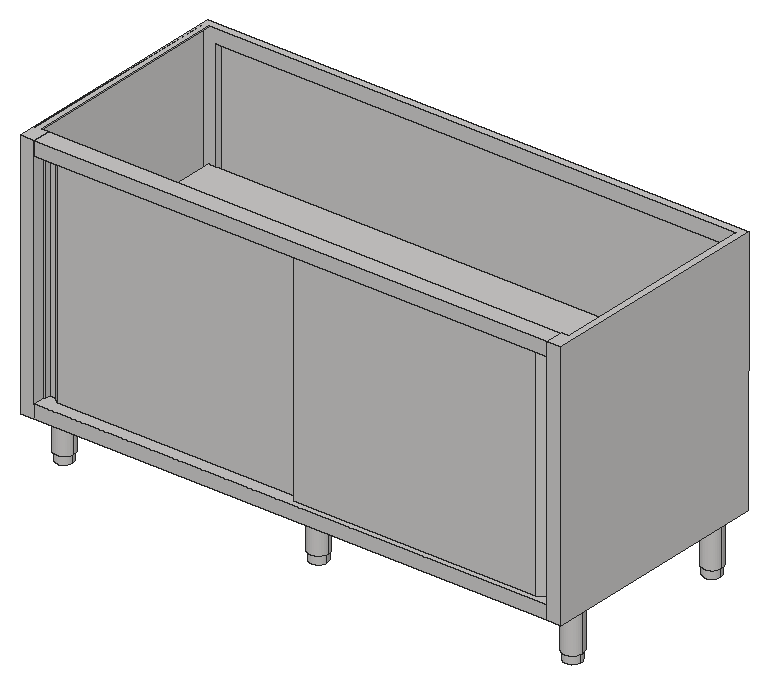
Revit family "QF_ELECTROLUXPROFESSIONAL_133182_RAU1600SD", category Specialty Equipment, Revit 2018
Family settings
  Round Connector Dimension = Use Diameter
  Part Type = Normal
  Work Plane-Based = No
  Always vertical = Yes
  Cut with Voids When Loaded = No
  Shared = No
  Room Calculation Point = No
Parameters
  Weight = 0.00 kg
  Watts = 0 W
  Volts = 0 V
  URL Manufacturer = ""
  Steam Supply Size = 0 mm
  Steam Supply Minimum Pressure = 0.0 Pa
  Steam Supply Maximum Pressure = 0.0 Pa
  Steam Pounds per Hour = 0
  Refrigeration Suction Line Size = 0 mm
  Refrigeration Liquid Line Size = 0 mm
  Refrigerant Compressor Remote = yes
  Phase = 0
  Length Actual = 0 mm
  Item Number = ""
  Hot Water Size = 0 mm
  Height Actual = 0 mm
  HP = ""
  Gas Size = 0 mm
  Gas KW = 0
  Gas Input Pressure = 0 W
  Direct Waste Size = 0 mm
  Depth Actual = 0 mm
  Cycle = 0 Hz
  Condensate Return Size = 0 mm
  Compressed Air Volume = 0.0 L/s
  Compressed Air Size = 0 mm
  Compressed Air Pressure = 0.0 Pa
  Cold Water Size = 0 mm
  Accessory = yes
Reference planes
  plane 1 "Center (Front/Back)": y = 0
  plane 2: z = 0
  plane 3 "Center (Left/Right)": x = 0
  plane 4: y = 344.5
  plane 5 "Left": x = -794.5
  plane 6 "Right": x = 794.5
  plane 7: y = -344.5
  plane 8: z = 150
  plane 9: z = 883
  plane 10: x = -747.5
  plane 11: x = 747.5
  plane 12: y = 270
  plane 13: y = -241.9
Forms (mm)
  Extrusion 1, solid, material "QF_Finishes_Stainless Steel"
    sketch origin (0, 0, 0) x (1, 0, 0) y (0, 1, 0)
      loop
        line (-794.5, 344.5) -> (-794.5, -344.5) -> (-754.5, -344.5) -> (754.5, -344.5) -> (794.5, -344.5) -> (794.5, 344.5) -> (-794.5, 344.5)
    from 150 to 190
  Sweep 2, solid, material "QF_Finishes_Stainless Steel"
    path in 3D
      loop
        line (-794.5, -291.5, 150) -> (-794.5, 324.5, 150)
    profile origin (-794.5, 16.5, 150) x (1, 0, 0) y (0, 0, -1)
      loop
        line (0, -40) -> (0, -733) -> (20, -733) -> (20, -731.5) -> (1.5, -731.5) -> (1.5, -40) -> (0, -40)
  Extrusion 3, solid, material "QF_Finishes_Stainless Steel"
    sketch origin (0, 0, 0) x (1, 0, 0) y (0, 1, 0)
      loop
        line (-794.5, 344.5) -> (-794.5, 324.5) -> (-754.5, 324.5) -> (-754.5, 344.5) -> (-794.5, 344.5)
      loop
        line (794.5, 344.5) -> (754.5, 344.5) -> (754.5, 324.5) -> (794.5, 324.5) -> (794.5, 344.5)
      loop
        line (-794.5, -344.5) -> (-754.5, -344.5) -> (-754.5, -291.5) -> (-794.5, -291.5) -> (-794.5, -344.5)
      loop
        line (794.5, -344.5) -> (794.5, -291.5) -> (754.5, -291.5) -> (754.5, -344.5) -> (794.5, -344.5)
    from 190 to 883
  Extrusion 4, solid, material "QF_Finishes_Stainless Steel"
    sketch origin (0, 0, 0) x (1, 0, 0) y (0, 1, 0)
      loop
        line (-754.5, -291.5) -> (-754.5, -343.5) -> (754.5, -343.5) -> (754.5, -291.5) -> (-754.5, -291.5)
    from 843 to 881.5
  Extrusion 5, solid, material "QF_Finishes_Stainless Steel"
    sketch origin (0, 0, 0) x (1, 0, 0) y (0, 1, 0)
      loop
        line (-774.5, 324.5) -> (-774.5, -291.5) -> (774.5, -291.5) -> (774.5, 324.5) -> (-774.5, 324.5)
    from 480 to 520.003
  Sweep 6, solid, material "QF_Finishes_Stainless Steel"
    path in 3D
      loop
        line (794.5, -291.5, 150) -> (794.5, 324.5, 150)
    profile origin (794.5, 16.5, 150) x (1, 0, 0) y (0, 0, -1)
      loop
        line (0, -40) -> (-1.5, -40) -> (-1.5, -731.5) -> (-20, -731.5) -> (-20, -733) -> (0, -733) -> (0, -40)
  Sweep 7, solid, material "QF_Finishes_Stainless Steel"
    path in 3D
      loop
        line (754.5, 344.5, 150) -> (-754.5, 344.5, 150)
    profile origin (0, 344.5, 150) x (0, 1, 0) y (0, 0, -1)
      loop
        line (0, -40) -> (-1.5, -40) -> (-1.5, -731.5) -> (-20, -731.5) -> (-20, -733) -> (0, -733) -> (0, -40)
  Extrusion 8, solid, material "QF_Finishes_Stainless Steel"
    sketch origin (0, 0, 0) x (1, 0, 0) y (0, 1, 0)
      loop
        line (-754.5, 324.5) -> (754.5, 324.5) -> (754.5, 343.5) -> (-754.5, 343.5) -> (-754.5, 324.5)
    from 843 to 883
Cuts and joins
  joined: Extrusion 1, Sweep 2, Extrusion 3, Extrusion 4, Extrusion 5, Sweep 6, Sweep 7, Extrusion 8
Lines and regions (mm)
  sketch lines
    curve 1: line (-794.5, -291.5, 150) -> (-794.5, 324.5, 150)
    curve 2: line (794.5, -291.5, 150) -> (794.5, 324.5, 150)
    curve 3: line (754.5, 344.5, 150) -> (-754.5, 344.5, 150)
  symbolic lines
    curve 4: line (-794.5, 344.5, 0) -> (794.5, 344.5, 0)
    curve 5: line (-794.5, -344.5, 0) -> (-794.5, 344.5, 0)
    curve 6: line (794.5, -344.5, 0) -> (-794.5, -344.5, 0)
    curve 7: line (794.5, 344.5, 0) -> (794.5, -344.5, 0)
    curve 8: line (-794.5, -311.5, 0) -> (0, -311.5, 0)
    curve 9: line (0, -311.5, 0) -> (0, -331.5, 0)
    curve 10: line (0, -331.5, 0) -> (794.5, -331.5, 0)
Dimensions and locks
  equal spacing: plane 5 "Left", plane 3 "Center (Left/Right)", plane 6 "Right"
  equal spacing: plane 4, plane 1 "Center (Front/Back)", plane 7
  plane 9 to plane 8 to level = 733 mm, 150 mm locked
  plane 3 "Center (Left/Right)" to plane 6 "Right" = 794.5 mm
  plane 7 to plane 1 "Center (Front/Back)" = 344.5 mm
  plane 9 to level = 883 mm
  locked: plane 10 to plane 5 "Left" at 47
  locked: plane 6 "Right" to plane 11 at 47
  locked: plane 4 to plane 12 at 74.5
  locked: plane 13 to plane 7 at 102.6
  aligned and locked: level to plane 2
  aligned and locked: Extrusion 1 to plane 8
  aligned and locked: plane 4 to Extrusion 1
  aligned and locked: Extrusion 1 to plane 5 "Left"
  aligned and locked: plane 6 "Right" to Extrusion 1
  aligned and locked: Extrusion 1 to plane 7
  aligned and locked: plane 11 to nested 3
  aligned and locked: plane 11 to nested 2
  aligned and locked: plane 10 to nested 1
  aligned and locked: plane 10 to nested 4
  aligned and locked: plane 12 to nested 1
  aligned and locked: plane 13 to nested 3
  aligned and locked: plane 13 to nested 4
  aligned and locked: plane 12 to nested 2
Automatic sketch dimensions
  Extrusion 1 sketch curve to plane 5 "Left" = 0 mm
  Extrusion 1 sketch curve to plane 7 = 0 mm  (x3)
  Extrusion 1 sketch curve to plane 6 "Right" = 0 mm
  Extrusion 1 sketch curve to plane 4 = 0 mm
  Extrusion 1 sketch curve to plane 10 = 7 mm
  Extrusion 1 sketch curve to Extrusion 1 sketch curve = 0 mm  (x2)
  plane 11 to Extrusion 1 sketch curve = 7 mm
  profile plane to Sweep 2 sketch curve = 0 mm
  Sweep 2 sketch curve to Sweep 2 sketch curve = 1.5 mm  (x2)
  Sweep 2 sketch curve to Sweep 2 sketch curve = 18.5 mm
  Sweep 2 sketch curve to profile plane = 733 mm
  Sweep 2 sketch curve to profile plane = 40 mm
  Extrusion 3 sketch curve to plane 4 = 0 mm  (x2)
  Extrusion 3 sketch curve to plane 5 "Left" = 0 mm  (x2)
  Extrusion 3 sketch curve to plane 7 = 0 mm  (x2)
  Extrusion 3 sketch curve to plane 6 "Right" = 0 mm  (x2)
  Extrusion 3 sketch curve to plane 10 = 7 mm  (x2)
  plane 11 to Extrusion 3 sketch curve = 7 mm  (x2)
  plane 13 to Extrusion 3 sketch curve = 49.6 mm  (x2)
  Extrusion 3 sketch curve to plane 4 = 20 mm  (x2)
  plane 7 to Extrusion 4 sketch curve = 1 mm
  Extrusion 4 sketch curve to plane 10 = 7 mm
  plane 11 to Extrusion 4 sketch curve = 7 mm
  Extrusion 4 sketch curve to Extrusion 4 sketch curve = 52 mm
  plane 5 "Left" to Extrusion 5 sketch curve = 20 mm
  Extrusion 5 sketch curve to plane 6 "Right" = 20 mm
  plane 13 to Extrusion 5 sketch curve = 49.6 mm
  Extrusion 5 sketch curve to plane 4 = 20 mm
  profile plane to Sweep 6 sketch curve = 0 mm
  Sweep 6 sketch curve to Sweep 6 sketch curve = 1.5 mm  (x2)
  Sweep 6 sketch curve to Sweep 6 sketch curve = 18.5 mm
  Sweep 6 sketch curve to profile plane = 733 mm
  Sweep 6 sketch curve to profile plane = 40 mm
  Sweep 7 sketch curve to profile plane = 0 mm
  profile plane to Sweep 7 sketch curve = 1.5 mm
  Sweep 7 sketch curve to Sweep 7 sketch curve = 18.5 mm
  Sweep 7 sketch curve to profile plane = 733 mm
  Sweep 7 sketch curve to Sweep 7 sketch curve = 1.5 mm
  Sweep 7 sketch curve to profile plane = 40 mm
  Extrusion 8 sketch curve to plane 4 = 1 mm
  Extrusion 8 sketch curve to plane 10 = 7 mm
  plane 11 to Extrusion 8 sketch curve = 7 mm
  Extrusion 8 sketch curve to Extrusion 8 sketch curve = 19 mm
  curve 4 to plane 4 = 0 mm
  curve 4 to plane 5 "Left" = 0 mm
  curve 8 to plane 3 "Center (Left/Right)" = 0 mm
  curve 6 to plane 6 "Right" = 0 mm
  curve 6 to plane 7 = 0 mm
  plane 7 to curve 8 = 33 mm
  plane 7 to curve 9 = 13 mm
Nested families
  nested 1: "Foot_Ø50_H150" at (-747.5, 270, 0), type "Foot_Ø50_H150"
  nested 2: "Foot_Ø50_H150" at (747.5, 270, 0), type "Foot_Ø50_H150"
  nested 3: "Foot_Ø50_H150" at (747.5, -241.9, 0), type "Foot_Ø50_H150"
  nested 4: "Foot_Ø50_H150" at (-747.5, -241.9, 0), type "Foot_Ø50_H150"
  nested 5: "Sliding Door" at (0, -291.5, 516.5) x (-1, 0, 0) z (0, -1, 0), type "Sliding Door"
    with L 1503 mm, H 647 mm
  nested 6: "Foot_Ø50_H150" at (0, 270, 0), type "Foot_Ø50_H150"
  nested 7: "Foot_Ø50_H150" at (0, -241.9, 0), type "Foot_Ø50_H150"
Definition of nested family "Foot_Ø50_H150"
  Reference planes
    plane 1 "Centro (Fronte/Retro)": y = 0
    plane 2: z = 0
    plane 3 "Centro (Sinistra/Destra)": x = 0
    plane 4: z = 150
  Forms (mm)
    Revolve 1, solid
      sketch origin (255.05, 0, 608.09) x (0, 0, 1) y (-1, 0, 0)
        loop
          line (-608.09, 255.05) -> (-608.09, 230.05) -> (-583.09, 230.05) -> (-583.09, 226.05) -> (-458.09, 226.05) -> (-458.09, 255.05) -> (-608.09, 255.05)
        axis (-608.09, 255.05) -> (-458.09, 255.05)
      angle from 0 to 360
  Dimensions and locks
    locked: Revolve 1 sketch curve to Revolve 1 sketch curve at 125
    aligned and locked: level to plane 2
    aligned and locked: plane 4 to Revolve 1 sketch curve
    aligned and locked: Revolve 1 sketch curve to level
    aligned and locked: plane 3 "Centro (Sinistra/Destra)" to Revolve 1 sketch curve
Definition of nested family "Sliding Door"
  Parameters
    L [instance] = 468 mm
    H [instance] = 560 mm
    Default Elevation = 1219.2 mm
  Reference planes
    plane 1 "Centro (Fronte/Retro)": y = 0
    plane 2: z = 0
    plane 3 "Centro (Sinistra/Destra)": x = 0
    plane 4: y = 280
    plane 5: y = -280
    plane 6: x = 234
    plane 7: x = -234
  Forms (mm)
    Extrusion 1, solid
      sketch origin (0, 0, 0) x (1, 0, 0) y (0, 1, 0)
        loop
          line (-1219.2, 1219.2) -> (-1219.2, -1219.2) -> (1219.2, -1219.2) -> (1219.2, 1219.2) -> (-1219.2, 1219.2)
      from 0 to -304.8
    Extrusion 2, solid
      sketch origin (-234, 0, 20) x (-1, 0, 0) y (0, 0, -1)
        loop
          line (-234, 0) -> (-234, -20) -> (-39.641, -20) -> (-19.162, -5.661) -> (-5, -5.661) -> (-5, -20) -> (0, -20) -> (0, 0) -> (-234, 0)
      from -280 to 280
    Extrusion 3, solid
      sketch origin (234, 0, 0) x (1, 0, 0) y (0, 0, 1)
        loop
          line (-234, 0) -> (0, 0) -> (0, 20) -> (-5, 20) -> (-5, 5.661) -> (-19.162, 5.661) -> (-39.641, 20) -> (-234, 20) -> (-234, 0)
      from -280 to 280
  Dimensions and locks
    equal spacing: plane 4, plane 1 "Centro (Fronte/Retro)", plane 5
    "H": plane 4 to plane 5
    "L": plane 6 to plane 7
    locked: Extrusion 2 sketch curve to Extrusion 2 sketch curve at 5
    locked: Extrusion 2 sketch curve to Extrusion 2 sketch curve at 14.162
    locked: Extrusion 2 sketch curve to Extrusion 2 sketch curve at 39.641
    locked: Extrusion 3 sketch curve to Extrusion 3 sketch curve at 5
    locked: Extrusion 3 sketch curve to Extrusion 3 sketch curve at 14.162
    locked: Extrusion 3 sketch curve to Extrusion 3 sketch curve at 39.641
    equal spacing: plane 7, plane 3 "Centro (Sinistra/Destra)", plane 6
    aligned and locked: plane 2 to Extrusion 1
    aligned and locked: level to Extrusion 1
    aligned and locked: plane 4 to Extrusion 2
    aligned and locked: Extrusion 2 to plane 5
    aligned and locked: Extrusion 3 to plane 5
    aligned and locked: plane 4 to Extrusion 3
  Automatic sketch dimensions
    Extrusion 1 sketch curve to Extrusion 1 sketch curve = 2438.4 mm  (x2)
    Extrusion 2 sketch curve to plane 3 "Centro (Sinistra/Destra)" = 0 mm
    plane 7 to Extrusion 2 sketch curve = 0 mm
    Extrusion 2 sketch curve to Extrusion 2 sketch curve = 14.339 mm  (x2)
    Extrusion 3 sketch curve to plane 3 "Centro (Sinistra/Destra)" = 0 mm
    Extrusion 3 sketch curve to plane 6 = 0 mm
    Extrusion 3 sketch curve to Extrusion 3 sketch curve = 14.339 mm
    level to Extrusion 2 sketch curve = 40 mm
    Extrusion 2 sketch curve to Extrusion 2 sketch curve = 20 mm
    Extrusion 3 sketch curve to level = 0 mm
    level to Extrusion 3 sketch curve = 5.661 mm
    level to Extrusion 3 sketch curve = 20 mm
